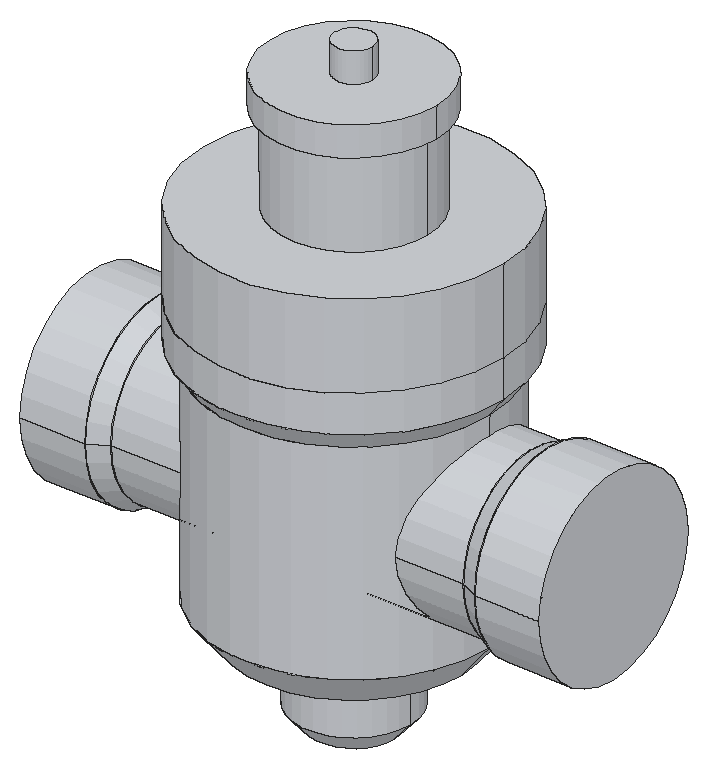
Revit family "VSX24P_DN20_PN16_RFA_2018", category Pipe Accessories, Revit 2018
Family settings
  Round Connector Dimension = Use Diameter
  Part Type = Valve - Breaks Into
  Work Plane-Based = No
  Always vertical = Yes
  Cut with Voids When Loaded = No
  Shared = No
Parameters (values of type "VSX24P G3/4  PN16 kvs4,0")
  magiProductId = ""
  magiProductFamilyId = ""
  magiPartTypeId = 306
  isMeasuringValve [instance] = no
  ang2D [instance] = 0.00°
  Z8 = 4 mm
  Z7__ve = -Z7  # -3.2 mm
  Z7 = 3.2 mm
  Z5 = 9.1 mm
  Z3 = 2 mm
  Z2 = 4.8 mm
  Z1 = 3.6 mm
  X4__ve = -X4  # -7 mm
  X4 = 7 mm
  X3 = 38 mm
  W2D = 15 mm
  VersionID = ""
  Use Minimum Symbol Size [instance] = yes
  URL = "www.hydronix.cz"
  Type Comments = "Závitový, vnější závit, ploché těsnění; LIN charakteristika; PN16; +5~+95°C; max.rychlost proudění 3,0 m/s"
  R9 = 9 mm
  R8 = 2 mm
  R7 = 16.17 mm
  R6 = 11.76 mm
  R5 = 7.409 mm
  R4 = 6.174 mm
  R3 = 4.41 mm
  R2 = 14.7 mm
  R10 = 8 mm
  R1 = 9 mm
  QmdConnectorList = "301;D;302;D"
  Productdata [instance] = ""
  Manufacturer = "Hydronix"
  MC Product Code = "VSX24P (G3/4\"; dpmax=150kPa; kvs 4,0)"
  LT2 = 21 mm
  L2D_Min = 3048 mm
  L2D = 38 mm
  H1 = 22.5 mm
  H = 26 mm
  E = 16 mm
  Description = "2 cestný regulační ventil malých spotřebičů, DN20; zdvih 2,5mm; max dp 150kPa; kvs4,0"
  DT2 = 10 mm
  D = 20 mm
  CAT0 = yes
  C = 24 mm
Types (8, lengths in mm): name | Z5 | Z2 | Z1 | X3 | R7 | R6 | R5 | R4 | R3 | R2 | R1 | MC Product Code | LT2 | H | Description | DT2 | D | C
  VSX09P G1/2  PN16 kvs0,25 | 9.45 | 4.6 | 3.45 | 34 | 14.63 | 10.64 | 6.703 | 5.586 | 3.99 | 13.3 | 6.75 | "VSX09P (G1/2\"; dpmax=250kPa; kvs 0,25)" | 19 | 27 | "2 cestný regulační ventil malých spotřebičů, DN15; zdvih 2,5mm; max dp 250kPa; kvs0,25" | 7.5 | 15 | 23
  VSX10P G1/2  PN16 kvs0,4 | 9.45 | 4.6 | 3.45 | 34 | 14.63 | 10.64 | 6.703 | 5.586 | 3.99 | 13.3 | 6.75 | "VSX10P (G1/2\"; dpmax=250kPa; kvs 0,4)" | 19 | 27 | "2 cestný regulační ventil malých spotřebičů, DN15; zdvih 2,5mm; max dp 250kPa; kvs0,4" | 7.5 | 15 | 23
  VSX11P G1/2  PN16 kvs0,6 | 9.45 | 4.6 | 3.45 | 34 | 14.63 | 10.64 | 6.703 | 5.586 | 3.99 | 13.3 | 6.75 | "VSX11P (G1/2\"; dpmax=250kPa; kvs 0,6)" | 19 | 27 | "2 cestný regulační ventil malých spotřebičů, DN15; zdvih 2,5mm; max dp 250kPa; kvs0,6" | 7.5 | 15 | 23
  VSX12P G1/2  PN16 kvs1,0 | 9.45 | 4.6 | 3.45 | 34 | 14.63 | 10.64 | 6.703 | 5.586 | 3.99 | 13.3 | 6.75 | "VSX12P (G1/2\"; dpmax=250kPa; kvs 1,0)" | 19 | 27 | "2 cestný regulační ventil malých spotřebičů, DN15; zdvih 2,5mm; max dp 250kPa; kvs1,0" | 7.5 | 15 | 23
  VSX13P G1/2  PN16 kvs1,6 | 9.45 | 4.6 | 3.45 | 34 | 14.63 | 10.64 | 6.703 | 5.586 | 3.99 | 13.3 | 6.75 | "VSX13P (G1/2\"; dpmax=250kPa; kvs 1,6)" | 19 | 27 | "2 cestný regulační ventil malých spotřebičů, DN15; zdvih 2,5mm; max dp 250kPa; kvs1,6" | 7.5 | 15 | 23
  VSX21P G3/4  PN16 kvs2,5 | 9.1 | 4.8 | 3.6 | 38 | 16.17 | 11.76 | 7.409 | 6.174 | 4.41 | 14.7 | 9 | "VSX21P (G3/4\"; dpmax=150kPa; kvs 2,5)" | 21 | 26 | "2 cestný regulační ventil malých spotřebičů, DN20; zdvih 2,5mm; max dp 150kPa; kvs2,5" | 10 | 20 | 24
  VSX24P G3/4  PN16 kvs4,0 | 9.1 | 4.8 | 3.6 | 38 | 16.17 | 11.76 | 7.409 | 6.174 | 4.41 | 14.7 | 9 | "VSX24P (G3/4\"; dpmax=150kPa; kvs 4,0)" | 21 | 26 | "2 cestný regulační ventil malých spotřebičů, DN20; zdvih 2,5mm; max dp 150kPa; kvs4,0" | 10 | 20 | 24
  VSX26P G3/4  PN16 kvs6,0 | 9.1 | 4.8 | 3.6 | 38 | 16.17 | 11.76 | 7.409 | 6.174 | 4.41 | 14.7 | 9 | "VSX26P (G3/4\"; dpmax=150kPa; kvs 6,0)" | 21 | 26 | "2 cestný regulační ventil malých spotřebičů, DN20; zdvih 2,5mm; max dp 150kPa; kvs6,0" | 10 | 20 | 24
Reference planes
  plane 1 "Center (Front/Back)": y = 0
  plane 2 "XYPLANE": z = 0
  plane 3 "Center (Left/Right)": x = 0
  plane 4 "271": z = 35.6
  plane 5 "254": z = 10.9
  plane 6 "253": z = 16.9
  plane 7 "148": z = 38.8
  plane 8 "132": z = 42
  plane 9 "62": z = 12.9
  plane 10 "53": z = 26
  plane 11 "52": z = -11.6
  plane 12 "48": z = -15.2
  plane 13 "47": z = -17.2
  plane 14 "38": z = -22
  plane 15 "37": x = 19
  plane 16 "36": x = 21
  plane 17 "23": z = -24
  plane 18 "19": x = -19
  plane 19 "15": x = -21
  plane 20 "6": x = 28
  plane 21 "5": x = -28
  plane 22 "3": z = 0
  plane 23 "2": y = 0
  plane 24 "1": x = 0
Forms (mm)
  Extrusion 1, solid, visible <- "CAT0"
    sketch origin (-750, 0, 42) x (1, 0, 0) y (0, 1, 0)
      loop
        circle (750, 0) r 2
    from 0 to -3.2 <- "Z7__ve"
  Extrusion 2, solid, visible <- "CAT0"
    sketch origin (-750, 0, 35.6) x (1, 0, 0) y (0, 1, 0)
      loop
        circle (750, 0) r 8
    from 0 to -19
  Extrusion 3, solid, visible <- "CAT0"
    sketch origin (-19, -750, 0) x (0, 1, 0) y (0, 0, 1)
      loop
        circle (750, 0) r 9
    from 0 to 38 <- "X3"
  Extrusion 4, solid
    sketch origin (-750, 0, 12.9) x (1, 0, 0) y (0, 1, 0)
      loop
        circle (750, 0) r 16.17
    from 0 to 4 <- "Z8"
  Extrusion 5, solid
    sketch origin (-750, 0, 38.8) x (1, 0, 0) y (0, 1, 0)
      loop
        circle (750, 0) r 9
    from 0 to -3.2 <- "Z7__ve"
  Extrusion 6, solid
    sketch origin (-750, 0, 16.9) x (1, 0, 0) y (0, 1, 0)
      loop
        circle (750, 0) r 16.17
    from 0 to 9.1 <- "Z5"
  Blend 7, solid
    base sketch origin (-750, 0, 10.9) x (1, 0, 0) y (0, 1, 0)
      loop
        circle (750, 0) r 14.7
    top sketch origin (-750, 0, 10.9) x (1, 0, 0) y (0, 1, 0)
      loop
        circle (750, 0) r 16.17
    from 0 to 2
  Blend 8, solid
    base sketch origin (-750, 0, -11.6) x (1, 0, 0) y (0, 1, 0)
      loop
        circle (750, 0) r 14.7
    top sketch origin (-750, 0, -11.6) x (1, 0, 0) y (0, 1, 0)
      loop
        circle (750, 0) r 11.76
    from 0 to -3.6
  Blend 9, solid
    base sketch origin (-750, 0, -15.2) x (1, 0, 0) y (0, 1, 0)
      loop
        circle (750, 0) r 7.409
    top sketch origin (-750, 0, -15.2) x (1, 0, 0) y (0, 1, 0)
      loop
        circle (750, 0) r 6.174
    from 0 to -2
  Extrusion 10, solid
    sketch origin (-750, 0, -22) x (1, 0, 0) y (0, 1, 0)
      loop
        circle (750, 0) r 6.174
    from 0 to 4.8 <- "Z2"
  Blend 11, solid
    base sketch origin (-750, 0, -24) x (1, 0, 0) y (0, 1, 0)
      loop
        circle (750, 0) r 4.41
    top sketch origin (-750, 0, -24) x (1, 0, 0) y (0, 1, 0)
      loop
        circle (750, 0) r 6.174
    from 0 to 2
  Extrusion 12, solid
    sketch origin (28, -750, 0) x (0, 1, 0) y (0, 0, 1)
      loop
        circle (750, 0) r 10
    from 0 to -7 <- "X4__ve"
  Blend 13, solid
    base sketch origin (21, -750, 0) x (0, 1, 0) y (0, 0, 1)
      loop
        circle (750, 0) r 10
    top sketch origin (21, -750, 0) x (0, 1, 0) y (0, 0, 1)
      loop
        circle (750, 0) r 9
    from 0 to -2
  Extrusion 14, solid
    sketch origin (-750, 0, -11.6) x (1, 0, 0) y (0, 1, 0)
      loop
        circle (750, 0) r 14.7
    from 0 to 22.5 <- "H1"
  Blend 15, solid
    base sketch origin (-21, -750, 0) x (0, 1, 0) y (0, 0, 1)
      loop
        circle (750, 0) r 10
    top sketch origin (-21, -750, 0) x (0, 1, 0) y (0, 0, 1)
      loop
        circle (750, 0) r 9
    from 0 to 2
  Extrusion 16, solid
    sketch origin (-28, -750, 0) x (0, 1, 0) y (0, 0, 1)
      loop
        circle (750, 0) r 10
    from 0 to 7 <- "X4"
  Extrusion 17, solid, not visible
    sketch origin (21, -750, 0) x (0, 1, 0) y (0, 0, 1)
      loop
        circle (750, 0) r 10
    from 0 to -10
  Extrusion 18, solid, not visible
    sketch origin (-21, -750, 0) x (0, 1, 0) y (0, 0, 1)
      loop
        circle (750, 0) r 10
    from 0 to 10
Lines and regions (mm)
  reference lines, not visible
    curve 1: circle (2, 2, 0) r 1 normal (0, 0, 1)
Dimensions and locks
  plane 1 "Center (Front/Back)" to curve 1 = 2 mm
  "Z7": plane 7 "148" to plane 4 "271"
  "Z3": plane 9 "62" to plane 5 "254"
  "Z5": plane 10 "53" to plane 6 "253"
  "Z7": plane 8 "132" to plane 7 "148"
  "E": plane 10 "53" to plane 8 "132"
  "Z8": plane 6 "253" to plane 9 "62"
  "H": plane 2 "XYPLANE" to plane 10 "53"
  "Z1": plane 12 "48" to plane 11 "52"
  "Z3": plane 13 "47" to plane 12 "48"
  "Z2": plane 14 "38" to plane 13 "47"
  "Z3": plane 17 "23" to plane 14 "38"
  locked: plane 16 "36" to plane 15 "37" at 2
  "LT2": plane 3 "Center (Left/Right)" to plane 16 "36"
  "C": plane 2 "XYPLANE" to plane 17 "23"
  locked: plane 19 "15" to plane 18 "19" at 2
  "LT2": plane 3 "Center (Left/Right)" to plane 19 "15"
  "X4": plane 16 "36" to plane 20 "6"
  "X4": plane 19 "15" to plane 21 "5"
  locked: plane 2 "XYPLANE" to plane 22 "3"
  locked: plane 1 "Center (Front/Back)" to plane 23 "2"
  locked: plane 3 "Center (Left/Right)" to plane 24 "1"
  "R8": radius of Extrusion 1 sketch curve
  "R10": radius of Extrusion 2 sketch curve
  "R1": radius of Extrusion 3 sketch curve
  "R7": radius of Extrusion 4 sketch curve
  "R9": radius of Extrusion 5 sketch curve
  "R7": radius of Extrusion 6 sketch curve
  "R7": radius of Blend 7 sketch curve
  "R2": radius of Blend 7 sketch curve
  "R6": radius of Blend 8 sketch curve
  "R2": radius of Blend 8 sketch curve
  "R4": radius of Blend 9 sketch curve
  "R5": radius of Blend 9 sketch curve
  "R4": radius of Extrusion 10 sketch curve
  "R4": radius of Blend 11 sketch curve
  "R3": radius of Blend 11 sketch curve
  "DT2": radius of Extrusion 12 sketch curve
  "R1": radius of Blend 13 sketch curve
  "DT2": radius of Blend 13 sketch curve
  "R2": radius of Extrusion 14 sketch curve
  "R1": radius of Blend 15 sketch curve
  "DT2": radius of Blend 15 sketch curve
  "DT2": radius of Extrusion 16 sketch curve
  aligned and locked: level to plane 2 "XYPLANE"
  aligned and locked: plane 23 "2" to Extrusion 1 sketch curve
  aligned and locked: plane 24 "1" to Extrusion 1 sketch curve
  aligned and locked: plane 23 "2" to Extrusion 2 sketch curve
  aligned and locked: plane 24 "1" to Extrusion 2 sketch curve
  aligned and locked: plane 22 "3" to Extrusion 3 sketch curve
  aligned and locked: Extrusion 3 sketch curve to plane 23 "2"
  aligned and locked: plane 23 "2" to Extrusion 4 sketch curve
  aligned and locked: plane 24 "1" to Extrusion 4 sketch curve
  aligned and locked: plane 23 "2" to Extrusion 5 sketch curve
  aligned and locked: plane 24 "1" to Extrusion 5 sketch curve
  aligned and locked: plane 23 "2" to Extrusion 6 sketch curve
  aligned and locked: plane 24 "1" to Extrusion 6 sketch curve
  aligned and locked: plane 23 "2" to Blend 7 sketch curve  (x2)
  aligned and locked: plane 24 "1" to Blend 7 sketch curve  (x2)
  aligned and locked: plane 9 "62" to Blend 7
  aligned and locked: plane 23 "2" to Blend 8 sketch curve  (x2)
  aligned and locked: plane 24 "1" to Blend 8 sketch curve  (x2)
  aligned and locked: Blend 8 to plane 12 "48"
  aligned and locked: plane 23 "2" to Blend 9 sketch curve  (x2)
  aligned and locked: plane 24 "1" to Blend 9 sketch curve  (x2)
  aligned and locked: Blend 9 to plane 13 "47"
  aligned and locked: plane 23 "2" to Extrusion 10 sketch curve
  aligned and locked: plane 24 "1" to Extrusion 10 sketch curve
  aligned and locked: plane 23 "2" to Blend 11 sketch curve  (x2)
  aligned and locked: plane 24 "1" to Blend 11 sketch curve  (x2)
  aligned and locked: plane 14 "38" to Blend 11
  aligned and locked: plane 22 "3" to Extrusion 12 sketch curve
  aligned and locked: Extrusion 12 sketch curve to plane 23 "2"
  aligned and locked: plane 22 "3" to Blend 13 sketch curve  (x2)
  aligned and locked: Blend 13 sketch curve to plane 23 "2"  (x2)
  aligned and locked: Blend 13 to plane 15 "37"
  aligned and locked: plane 23 "2" to Extrusion 14 sketch curve
  aligned and locked: plane 24 "1" to Extrusion 14 sketch curve
  aligned and locked: plane 22 "3" to Blend 15 sketch curve  (x2)
  aligned and locked: Blend 15 sketch curve to plane 23 "2"  (x2)
  aligned and locked: plane 18 "19" to Blend 15
  aligned and locked: plane 22 "3" to Extrusion 16 sketch curve
  aligned and locked: Extrusion 16 sketch curve to plane 23 "2"
  aligned and locked: plane 22 "3" to Extrusion 17 sketch curve
  aligned and locked: Extrusion 17 sketch curve to plane 23 "2"
  aligned and locked: plane 22 "3" to Extrusion 18 sketch curve
  aligned and locked: Extrusion 18 sketch curve to plane 23 "2"
Automatic sketch dimensions
  plane 1 "Center (Front/Back)" to Extrusion 17 sketch curve = 10 mm
  plane 1 "Center (Front/Back)" to Extrusion 18 sketch curve = 10 mm
  plane 3 "Center (Left/Right)" to curve 1 = 2 mm
  radius of curve 1 = 1 mm
Connectors
  piping at (-21, 0, 0), diameter 20, driven by "D"
    settings: on Extrusion 18, index 1, connector inside diameter 609.6 mm, connector length 0 mm, flow factor 0, pipe flow 0.0 L/s, pressure drop 0.0 Pa, fitting loss kfactor 0, connector angle 0.00°, fixture units 0, engagement length 0 mm, angle of deflection 0.00°, flow configuration 0, flow direction 0, fitting loss method 0, system type 29, joint type 0, gender type 0, connector reference index 2, connector utility 0, adjustable connector no, is connector primary yes, connector description ""
  piping at (21, 0, 0), diameter 20, driven by "D"
    settings: on Extrusion 17, index 2, connector inside diameter 609.6 mm, connector length 0 mm, flow factor 0, pipe flow 0.0 L/s, pressure drop 0.0 Pa, fitting loss kfactor 0, connector angle 0.00°, fixture units 0, engagement length 0 mm, angle of deflection 0.00°, flow configuration 0, flow direction 0, fitting loss method 0, system type 29, joint type 0, gender type 0, connector reference index 1, connector utility 0, adjustable connector no, is connector primary no, connector description ""
